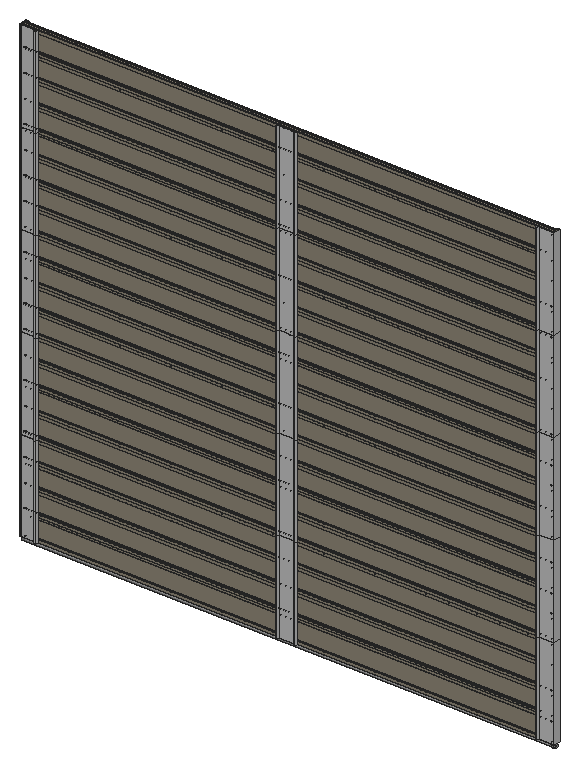
Revit family "GAFS 20H BRZ", category Doors, host Wall, Revit 2024
Family settings
  Host = Wall
  OmniClass Number = 23.30.10.00
  OmniClass Title = Doors
  Always vertical = Yes
  Cut with Voids When Loaded = No
  Shared = No
  Room Calculation Point = No
Parameters
  Wall Opening [instance] = 4880 mm
  Function = Interior
  Frame Projection Ext. = 25 mm
  Frame Projection Int. = 25 mm
  Frame Width = 75 mm
  Height = 2135 mm
  Wall Closure = By host
  Width = 2440 mm
Reference planes
  plane 1: y = 0
  plane 2 "Center (Left/Right)": x = 0
  plane 3: z = 2135
  plane 4 "Exterior": y = 75
  plane 5 "Interior": y = -75
  plane 6 "Garage Bottom": y = 75
  plane 7 "Garage Top": z = 2170
  plane 8: z = 19.954
  plane 9 "Garage Left": x = 1250
  plane 10 "Garage Right": x = -1250
Forms (mm)
  Extrusion 1, solid, material "STEEL BACK & SIDE PLATES"
    sketch origin (2744.172, 256, 612.954) x (1, 0, 0) y (0, 1, 0)
      loop
        line (-2791.977, -404.804) -> (-2789.506, -414.002) -> (-2782.523, -414.002) -> (-2780.383, -405.996) -> (-2707.961, -405.996) -> (-2705.821, -414.002) -> (-2698.839, -414.002) -> (-2696.367, -404.804) -> (-2697.626, -404.804) -> (-2699.758, -412.802) -> (-2704.9, -412.802) -> (-2707.039, -404.797) -> (-2781.305, -404.797) -> (-2783.444, -412.802) -> (-2788.586, -412.802) -> (-2790.718, -404.804) -> (-2791.977, -404.804)
      loop
        line (-3985.472, -373.2) -> (-3992.972, -373.2) -> (-3992.972, -372) -> (-3991.972, -372)
        arc (-3991.972, -372) -> (-3991.472, -371.5) -> (-3991.972, -371) r 0.5
        line (-3991.972, -371) -> (-3994.172, -371) -> (-3994.172, -406) -> (-3924.955, -406) -> (-3922.812, -414) -> (-3915.811, -414) -> (-3913.363, -404.8) -> (-3914.589, -404.8) -> (-3916.732, -412.8) -> (-3921.891, -412.8) -> (-3924.034, -404.8) -> (-3992.972, -404.8) -> (-3992.972, -374.4) -> (-3980.945, -374.4)
        arc (-3980.945, -374.4) -> (-3980.21, -374.891) -> (-3979.372, -374.607) r 1
        line (-3979.372, -374.607) -> (-3978.819, -374.054)
        arc (-3978.819, -374.054) -> (-3978.71, -373.509) -> (-3979.172, -373.2) r 0.5
        line (-3979.172, -373.2) -> (-3984.272, -373.2) -> (-3984.272, -371) -> (-3986.472, -371)
        arc (-3986.472, -371) -> (-3986.972, -371.5) -> (-3986.472, -372) r 0.5
        line (-3986.472, -372) -> (-3985.472, -372) -> (-3985.472, -373.2)
      loop
        line (-1502.872, -373.2) -> (-1502.872, -372) -> (-1501.872, -372)
        arc (-1501.872, -372) -> (-1501.372, -371.5) -> (-1501.872, -371) r 0.5
        line (-1501.872, -371) -> (-1504.072, -371) -> (-1504.072, -373.2) -> (-1509.172, -373.2)
        arc (-1509.172, -373.2) -> (-1509.634, -373.509) -> (-1509.526, -374.054) r 0.5
        line (-1509.526, -374.054) -> (-1508.972, -374.607)
        arc (-1508.972, -374.607) -> (-1508.135, -374.891) -> (-1507.399, -374.4) r 1
        line (-1507.399, -374.4) -> (-1495.372, -374.4) -> (-1495.372, -404.8) -> (-1564.31, -404.8) -> (-1566.454, -412.8) -> (-1571.612, -412.8) -> (-1573.756, -404.8) -> (-1574.982, -404.8) -> (-1572.533, -414) -> (-1565.533, -414) -> (-1563.389, -406) -> (-1494.172, -406) -> (-1494.172, -371) -> (-1496.372, -371)
        arc (-1496.372, -371) -> (-1496.872, -371.5) -> (-1496.372, -372) r 0.5
        line (-1496.372, -372) -> (-1495.372, -372) -> (-1495.372, -373.2) -> (-1502.872, -373.2)
    from 267.046 to 697.046
  Extrusion 2, solid, material "STEEL BACK & SIDE PLATES"
    sketch origin (2744.172, 256, 182.954) x (1, 0, 0) y (0, 1, 0)
      loop
        line (-2791.977, -404.804) -> (-2789.506, -414.002) -> (-2782.523, -414.002) -> (-2780.383, -405.996) -> (-2707.961, -405.996) -> (-2705.821, -414.002) -> (-2698.839, -414.002) -> (-2696.367, -404.804) -> (-2697.626, -404.804) -> (-2699.758, -412.802) -> (-2704.9, -412.802) -> (-2707.039, -404.797) -> (-2781.305, -404.797) -> (-2783.444, -412.802) -> (-2788.586, -412.802) -> (-2790.718, -404.804) -> (-2791.977, -404.804)
      loop
        line (-3985.472, -373.2) -> (-3992.972, -373.2) -> (-3992.972, -372) -> (-3991.972, -372)
        arc (-3991.972, -372) -> (-3991.472, -371.5) -> (-3991.972, -371) r 0.5
        line (-3991.972, -371) -> (-3994.172, -371) -> (-3994.172, -406) -> (-3924.955, -406) -> (-3922.812, -414) -> (-3915.811, -414) -> (-3913.363, -404.8) -> (-3914.589, -404.8) -> (-3916.732, -412.8) -> (-3921.891, -412.8) -> (-3924.034, -404.8) -> (-3992.972, -404.8) -> (-3992.972, -374.4) -> (-3980.945, -374.4)
        arc (-3980.945, -374.4) -> (-3980.21, -374.891) -> (-3979.372, -374.607) r 1
        line (-3979.372, -374.607) -> (-3978.819, -374.054)
        arc (-3978.819, -374.054) -> (-3978.71, -373.509) -> (-3979.172, -373.2) r 0.5
        line (-3979.172, -373.2) -> (-3984.272, -373.2) -> (-3984.272, -371) -> (-3986.472, -371)
        arc (-3986.472, -371) -> (-3986.972, -371.5) -> (-3986.472, -372) r 0.5
        line (-3986.472, -372) -> (-3985.472, -372) -> (-3985.472, -373.2)
      loop
        line (-1502.872, -373.2) -> (-1502.872, -372) -> (-1501.872, -372)
        arc (-1501.872, -372) -> (-1501.372, -371.5) -> (-1501.872, -371) r 0.5
        line (-1501.872, -371) -> (-1504.072, -371) -> (-1504.072, -373.2) -> (-1509.172, -373.2)
        arc (-1509.172, -373.2) -> (-1509.634, -373.509) -> (-1509.526, -374.054) r 0.5
        line (-1509.526, -374.054) -> (-1508.972, -374.607)
        arc (-1508.972, -374.607) -> (-1508.135, -374.891) -> (-1507.399, -374.4) r 1
        line (-1507.399, -374.4) -> (-1495.372, -374.4) -> (-1495.372, -404.8) -> (-1564.31, -404.8) -> (-1566.454, -412.8) -> (-1571.612, -412.8) -> (-1573.756, -404.8) -> (-1574.982, -404.8) -> (-1572.533, -414) -> (-1565.533, -414) -> (-1563.389, -406) -> (-1494.172, -406) -> (-1494.172, -371) -> (-1496.372, -371)
        arc (-1496.372, -371) -> (-1496.872, -371.5) -> (-1496.372, -372) r 0.5
        line (-1496.372, -372) -> (-1495.372, -372) -> (-1495.372, -373.2) -> (-1502.872, -373.2)
    from 267.046 to 697.046
  Extrusion 3, solid, material "STEEL BACK & SIDE PLATES"
    sketch origin (2744.172, 256, -247.046) x (1, 0, 0) y (0, 1, 0)
      loop
        line (-2791.977, -404.804) -> (-2789.506, -414.002) -> (-2782.523, -414.002) -> (-2780.383, -405.996) -> (-2707.961, -405.996) -> (-2705.821, -414.002) -> (-2698.839, -414.002) -> (-2696.367, -404.804) -> (-2697.626, -404.804) -> (-2699.758, -412.802) -> (-2704.9, -412.802) -> (-2707.039, -404.797) -> (-2781.305, -404.797) -> (-2783.444, -412.802) -> (-2788.586, -412.802) -> (-2790.718, -404.804) -> (-2791.977, -404.804)
      loop
        line (-3985.472, -373.2) -> (-3992.972, -373.2) -> (-3992.972, -372) -> (-3991.972, -372)
        arc (-3991.972, -372) -> (-3991.472, -371.5) -> (-3991.972, -371) r 0.5
        line (-3991.972, -371) -> (-3994.172, -371) -> (-3994.172, -406) -> (-3924.955, -406) -> (-3922.812, -414) -> (-3915.811, -414) -> (-3913.363, -404.8) -> (-3914.589, -404.8) -> (-3916.732, -412.8) -> (-3921.891, -412.8) -> (-3924.034, -404.8) -> (-3992.972, -404.8) -> (-3992.972, -374.4) -> (-3980.945, -374.4)
        arc (-3980.945, -374.4) -> (-3980.21, -374.891) -> (-3979.372, -374.607) r 1
        line (-3979.372, -374.607) -> (-3978.819, -374.054)
        arc (-3978.819, -374.054) -> (-3978.71, -373.509) -> (-3979.172, -373.2) r 0.5
        line (-3979.172, -373.2) -> (-3984.272, -373.2) -> (-3984.272, -371) -> (-3986.472, -371)
        arc (-3986.472, -371) -> (-3986.972, -371.5) -> (-3986.472, -372) r 0.5
        line (-3986.472, -372) -> (-3985.472, -372) -> (-3985.472, -373.2)
      loop
        line (-1502.872, -373.2) -> (-1502.872, -372) -> (-1501.872, -372)
        arc (-1501.872, -372) -> (-1501.372, -371.5) -> (-1501.872, -371) r 0.5
        line (-1501.872, -371) -> (-1504.072, -371) -> (-1504.072, -373.2) -> (-1509.172, -373.2)
        arc (-1509.172, -373.2) -> (-1509.634, -373.509) -> (-1509.526, -374.054) r 0.5
        line (-1509.526, -374.054) -> (-1508.972, -374.607)
        arc (-1508.972, -374.607) -> (-1508.135, -374.891) -> (-1507.399, -374.4) r 1
        line (-1507.399, -374.4) -> (-1495.372, -374.4) -> (-1495.372, -404.8) -> (-1564.31, -404.8) -> (-1566.454, -412.8) -> (-1571.612, -412.8) -> (-1573.756, -404.8) -> (-1574.982, -404.8) -> (-1572.533, -414) -> (-1565.533, -414) -> (-1563.389, -406) -> (-1494.172, -406) -> (-1494.172, -371) -> (-1496.372, -371)
        arc (-1496.372, -371) -> (-1496.872, -371.5) -> (-1496.372, -372) r 0.5
        line (-1496.372, -372) -> (-1495.372, -372) -> (-1495.372, -373.2) -> (-1502.872, -373.2)
    from 267 to 697.046
  Extrusion 4, solid, material "STEEL BACK & SIDE PLATES"
    sketch origin (2744.172, 256, 1042.954) x (1, 0, 0) y (0, 1, 0)
      loop
        line (-2791.977, -404.804) -> (-2789.506, -414.002) -> (-2782.523, -414.002) -> (-2780.383, -405.996) -> (-2707.961, -405.996) -> (-2705.821, -414.002) -> (-2698.839, -414.002) -> (-2696.367, -404.804) -> (-2697.626, -404.804) -> (-2699.758, -412.802) -> (-2704.9, -412.802) -> (-2707.039, -404.797) -> (-2781.305, -404.797) -> (-2783.444, -412.802) -> (-2788.586, -412.802) -> (-2790.718, -404.804) -> (-2791.977, -404.804)
      loop
        line (-3985.472, -373.2) -> (-3992.972, -373.2) -> (-3992.972, -372) -> (-3991.972, -372)
        arc (-3991.972, -372) -> (-3991.472, -371.5) -> (-3991.972, -371) r 0.5
        line (-3991.972, -371) -> (-3994.172, -371) -> (-3994.172, -406) -> (-3924.955, -406) -> (-3922.812, -414) -> (-3915.811, -414) -> (-3913.363, -404.8) -> (-3914.589, -404.8) -> (-3916.732, -412.8) -> (-3921.891, -412.8) -> (-3924.034, -404.8) -> (-3992.972, -404.8) -> (-3992.972, -374.4) -> (-3980.945, -374.4)
        arc (-3980.945, -374.4) -> (-3980.21, -374.891) -> (-3979.372, -374.607) r 1
        line (-3979.372, -374.607) -> (-3978.819, -374.054)
        arc (-3978.819, -374.054) -> (-3978.71, -373.509) -> (-3979.172, -373.2) r 0.5
        line (-3979.172, -373.2) -> (-3984.272, -373.2) -> (-3984.272, -371) -> (-3986.472, -371)
        arc (-3986.472, -371) -> (-3986.972, -371.5) -> (-3986.472, -372) r 0.5
        line (-3986.472, -372) -> (-3985.472, -372) -> (-3985.472, -373.2)
      loop
        line (-1502.872, -373.2) -> (-1502.872, -372) -> (-1501.872, -372)
        arc (-1501.872, -372) -> (-1501.372, -371.5) -> (-1501.872, -371) r 0.5
        line (-1501.872, -371) -> (-1504.072, -371) -> (-1504.072, -373.2) -> (-1509.172, -373.2)
        arc (-1509.172, -373.2) -> (-1509.634, -373.509) -> (-1509.526, -374.054) r 0.5
        line (-1509.526, -374.054) -> (-1508.972, -374.607)
        arc (-1508.972, -374.607) -> (-1508.135, -374.891) -> (-1507.399, -374.4) r 1
        line (-1507.399, -374.4) -> (-1495.372, -374.4) -> (-1495.372, -404.8) -> (-1564.31, -404.8) -> (-1566.454, -412.8) -> (-1571.612, -412.8) -> (-1573.756, -404.8) -> (-1574.982, -404.8) -> (-1572.533, -414) -> (-1565.533, -414) -> (-1563.389, -406) -> (-1494.172, -406) -> (-1494.172, -371) -> (-1496.372, -371)
        arc (-1496.372, -371) -> (-1496.872, -371.5) -> (-1496.372, -372) r 0.5
        line (-1496.372, -372) -> (-1495.372, -372) -> (-1495.372, -373.2) -> (-1502.872, -373.2)
    from 267.046 to 697.046
  Extrusion 5, solid, material "STEEL BACK & SIDE PLATES"
    sketch origin (2744.172, 256, 1472.954) x (1, 0, 0) y (0, 1, 0)
      loop
        line (-2791.977, -404.804) -> (-2789.506, -414.002) -> (-2782.523, -414.002) -> (-2780.383, -405.996) -> (-2707.961, -405.996) -> (-2705.821, -414.002) -> (-2698.839, -414.002) -> (-2696.367, -404.804) -> (-2697.626, -404.804) -> (-2699.758, -412.802) -> (-2704.9, -412.802) -> (-2707.039, -404.797) -> (-2781.305, -404.797) -> (-2783.444, -412.802) -> (-2788.586, -412.802) -> (-2790.718, -404.804) -> (-2791.977, -404.804)
      loop
        line (-3985.472, -373.2) -> (-3992.972, -373.2) -> (-3992.972, -372) -> (-3991.972, -372)
        arc (-3991.972, -372) -> (-3991.472, -371.5) -> (-3991.972, -371) r 0.5
        line (-3991.972, -371) -> (-3994.172, -371) -> (-3994.172, -406) -> (-3924.955, -406) -> (-3922.812, -414) -> (-3915.811, -414) -> (-3913.363, -404.8) -> (-3914.589, -404.8) -> (-3916.732, -412.8) -> (-3921.891, -412.8) -> (-3924.034, -404.8) -> (-3992.972, -404.8) -> (-3992.972, -374.4) -> (-3980.945, -374.4)
        arc (-3980.945, -374.4) -> (-3980.21, -374.891) -> (-3979.372, -374.607) r 1
        line (-3979.372, -374.607) -> (-3978.819, -374.054)
        arc (-3978.819, -374.054) -> (-3978.71, -373.509) -> (-3979.172, -373.2) r 0.5
        line (-3979.172, -373.2) -> (-3984.272, -373.2) -> (-3984.272, -371) -> (-3986.472, -371)
        arc (-3986.472, -371) -> (-3986.972, -371.5) -> (-3986.472, -372) r 0.5
        line (-3986.472, -372) -> (-3985.472, -372) -> (-3985.472, -373.2)
      loop
        line (-1502.872, -373.2) -> (-1502.872, -372) -> (-1501.872, -372)
        arc (-1501.872, -372) -> (-1501.372, -371.5) -> (-1501.872, -371) r 0.5
        line (-1501.872, -371) -> (-1504.072, -371) -> (-1504.072, -373.2) -> (-1509.172, -373.2)
        arc (-1509.172, -373.2) -> (-1509.634, -373.509) -> (-1509.526, -374.054) r 0.5
        line (-1509.526, -374.054) -> (-1508.972, -374.607)
        arc (-1508.972, -374.607) -> (-1508.135, -374.891) -> (-1507.399, -374.4) r 1
        line (-1507.399, -374.4) -> (-1495.372, -374.4) -> (-1495.372, -404.8) -> (-1564.31, -404.8) -> (-1566.454, -412.8) -> (-1571.612, -412.8) -> (-1573.756, -404.8) -> (-1574.982, -404.8) -> (-1572.533, -414) -> (-1565.533, -414) -> (-1563.389, -406) -> (-1494.172, -406) -> (-1494.172, -371) -> (-1496.372, -371)
        arc (-1496.372, -371) -> (-1496.872, -371.5) -> (-1496.372, -372) r 0.5
        line (-1496.372, -372) -> (-1495.372, -372) -> (-1495.372, -373.2) -> (-1502.872, -373.2)
    from 267.046 to 697.046
  Extrusion 6, solid, material "BRONZE ALUMINIUM MANUAL"
    sketch origin (0, -44, 2189.863) x (0, -1, 0) y (0, 0, -1)
      loop
        line (82.14, 2169.909) -> (74.797, 2169.909) -> (74.797, 2070.864) -> (78.797, 2069.409) -> (78.797, 2062.409) -> (83.136, 2062.409)
        arc (83.136, 2062.409) -> (83.518, 2062.332) -> (83.843, 2062.116) r 1
        line (83.843, 2062.116) -> (86.55, 2059.409) -> (88.077, 2059.409)
        arc (88.077, 2059.409) -> (88.477, 2059.809) -> (88.077, 2060.209) r 0.4
        line (88.077, 2060.209) -> (87.047, 2060.209) -> (87.047, 2061.409) -> (92.547, 2061.409) -> (92.547, 2060.209) -> (91.517, 2060.209)
        arc (91.517, 2060.209) -> (91.117, 2059.809) -> (91.517, 2059.409) r 0.4
        line (91.517, 2059.409) -> (93.044, 2059.409) -> (95.751, 2062.116)
        arc (95.751, 2062.116) -> (96.077, 2062.333) -> (96.461, 2062.409) r 1
        line (96.461, 2062.409) -> (104.797, 2062.409) -> (104.797, 2074.409) -> (101.397, 2074.409)
        arc (101.397, 2074.409) -> (100.697, 2073.709) -> (101.397, 2073.009) r 0.7
        line (101.397, 2073.009) -> (103.397, 2073.009) -> (103.397, 2063.809) -> (95.464, 2063.809) -> (94.464, 2062.809) -> (85.13, 2062.809) -> (84.13, 2063.809) -> (80.197, 2063.809) -> (80.197, 2070.389) -> (76.197, 2071.845) -> (76.197, 2168.509) -> (81.56, 2168.509) -> (87.06, 2163.009) -> (92.534, 2163.009) -> (98.034, 2168.509) -> (103.397, 2168.509) -> (103.397, 2159.309) -> (101.397, 2159.309)
        arc (101.397, 2159.309) -> (100.697, 2158.609) -> (101.397, 2157.909) r 0.7
        line (101.397, 2157.909) -> (104.797, 2157.909) -> (104.797, 2169.909) -> (97.454, 2169.909) -> (91.954, 2164.409) -> (87.64, 2164.409) -> (82.14, 2169.909)
    from -1248.8 to 1248.8
  Extrusion 7, solid, material "Rubber, Natural"
    sketch origin (0, -32.797, 0.046) x (0, 1, 0) y (0, 0, 1)
      loop
        line (-111, 19.909) -> (-111, 16.909) -> (-106, 16.909) -> (-106, 14.004)
        spline (-106, 14.004) -> (-109.192, 11.809) -> (-110.848, 8.808) -> (-110.659, 5.562) -> (-108.66, 2.681) -> (-105.226, 0.703) -> (-101, 0) -> (-96.774, 0.703) -> (-93.34, 2.681) -> (-91.341, 5.562) -> (-91.152, 8.808) -> (-92.808, 11.809) -> (-96, 14.004)
        line (-96, 14.004) -> (-96, 16.909) -> (-91, 16.909) -> (-91, 19.909) -> (-111, 19.909)
      loop
        line (-98, 16.909) -> (-104, 16.909) -> (-104, 14.633)
        arc (-104, 14.633) -> (-101, 15.009) -> (-98, 14.633) r 12.129
        line (-98, 14.633) -> (-98, 16.909)
      loop
        spline (-101, 1.513) -> (-98.929, 1.717) -> (-97, 2.316) -> (-95.343, 3.268) -> (-94.072, 4.509) -> (-93.273, 5.954) -> (-93, 7.505) -> (-93.273, 9.055) -> (-94.072, 10.501) -> (-95.343, 11.742) -> (-97, 12.694) -> (-98.929, 13.292) -> (-101, 13.496)
        spline (-101, 13.496) -> (-103.071, 13.292) -> (-105, 12.694) -> (-106.657, 11.742) -> (-107.928, 10.501) -> (-108.727, 9.055) -> (-109, 7.505) -> (-108.727, 5.954) -> (-107.928, 4.509) -> (-106.657, 3.268) -> (-105, 2.316) -> (-103.071, 1.717) -> (-101, 1.513)
    from -1248.8 to 1248.8
  Extrusion 8, solid, material "BRONZE ALUMINIUM MANUAL"
    sketch origin (0, -44, 2297.363) x (0, -1, 0) y (0, 0, -1)
      loop
        line (82.14, 2169.909) -> (74.797, 2169.909) -> (74.797, 2070.864) -> (78.797, 2069.409) -> (78.797, 2062.409) -> (83.136, 2062.409)
        arc (83.136, 2062.409) -> (83.518, 2062.332) -> (83.843, 2062.116) r 1
        line (83.843, 2062.116) -> (86.55, 2059.409) -> (88.077, 2059.409)
        arc (88.077, 2059.409) -> (88.477, 2059.809) -> (88.077, 2060.209) r 0.4
        line (88.077, 2060.209) -> (87.047, 2060.209) -> (87.047, 2061.409) -> (92.547, 2061.409) -> (92.547, 2060.209) -> (91.517, 2060.209)
        arc (91.517, 2060.209) -> (91.117, 2059.809) -> (91.517, 2059.409) r 0.4
        line (91.517, 2059.409) -> (93.044, 2059.409) -> (95.751, 2062.116)
        arc (95.751, 2062.116) -> (96.077, 2062.333) -> (96.461, 2062.409) r 1
        line (96.461, 2062.409) -> (104.797, 2062.409) -> (104.797, 2074.409) -> (101.397, 2074.409)
        arc (101.397, 2074.409) -> (100.697, 2073.709) -> (101.397, 2073.009) r 0.7
        line (101.397, 2073.009) -> (103.397, 2073.009) -> (103.397, 2063.809) -> (95.464, 2063.809) -> (94.464, 2062.809) -> (85.13, 2062.809) -> (84.13, 2063.809) -> (80.197, 2063.809) -> (80.197, 2070.389) -> (76.197, 2071.845) -> (76.197, 2168.509) -> (81.56, 2168.509) -> (87.06, 2163.009) -> (92.534, 2163.009) -> (98.034, 2168.509) -> (103.397, 2168.509) -> (103.397, 2159.309) -> (101.397, 2159.309)
        arc (101.397, 2159.309) -> (100.697, 2158.609) -> (101.397, 2157.909) r 0.7
        line (101.397, 2157.909) -> (104.797, 2157.909) -> (104.797, 2169.909) -> (97.454, 2169.909) -> (91.954, 2164.409) -> (87.64, 2164.409) -> (82.14, 2169.909)
    from -1248.8 to 1248.8
  Extrusion 9, solid, material "BRONZE ALUMINIUM MANUAL"
    sketch origin (0, -44, 2404.863) x (0, -1, 0) y (0, 0, -1)
      loop
        line (82.14, 2169.909) -> (74.797, 2169.909) -> (74.797, 2070.864) -> (78.797, 2069.409) -> (78.797, 2062.409) -> (83.136, 2062.409)
        arc (83.136, 2062.409) -> (83.518, 2062.332) -> (83.843, 2062.116) r 1
        line (83.843, 2062.116) -> (86.55, 2059.409) -> (88.077, 2059.409)
        arc (88.077, 2059.409) -> (88.477, 2059.809) -> (88.077, 2060.209) r 0.4
        line (88.077, 2060.209) -> (87.047, 2060.209) -> (87.047, 2061.409) -> (92.547, 2061.409) -> (92.547, 2060.209) -> (91.517, 2060.209)
        arc (91.517, 2060.209) -> (91.117, 2059.809) -> (91.517, 2059.409) r 0.4
        line (91.517, 2059.409) -> (93.044, 2059.409) -> (95.751, 2062.116)
        arc (95.751, 2062.116) -> (96.077, 2062.333) -> (96.461, 2062.409) r 1
        line (96.461, 2062.409) -> (104.797, 2062.409) -> (104.797, 2074.409) -> (101.397, 2074.409)
        arc (101.397, 2074.409) -> (100.697, 2073.709) -> (101.397, 2073.009) r 0.7
        line (101.397, 2073.009) -> (103.397, 2073.009) -> (103.397, 2063.809) -> (95.464, 2063.809) -> (94.464, 2062.809) -> (85.13, 2062.809) -> (84.13, 2063.809) -> (80.197, 2063.809) -> (80.197, 2070.389) -> (76.197, 2071.845) -> (76.197, 2168.509) -> (81.56, 2168.509) -> (87.06, 2163.009) -> (92.534, 2163.009) -> (98.034, 2168.509) -> (103.397, 2168.509) -> (103.397, 2159.309) -> (101.397, 2159.309)
        arc (101.397, 2159.309) -> (100.697, 2158.609) -> (101.397, 2157.909) r 0.7
        line (101.397, 2157.909) -> (104.797, 2157.909) -> (104.797, 2169.909) -> (97.454, 2169.909) -> (91.954, 2164.409) -> (87.64, 2164.409) -> (82.14, 2169.909)
    from -1248.8 to 1248.8
  Extrusion 10, solid, material "BRONZE ALUMINIUM MANUAL"
    sketch origin (0, -44, 2512.363) x (0, -1, 0) y (0, 0, -1)
      loop
        line (82.14, 2169.909) -> (74.797, 2169.909) -> (74.797, 2070.864) -> (78.797, 2069.409) -> (78.797, 2062.409) -> (83.136, 2062.409)
        arc (83.136, 2062.409) -> (83.518, 2062.332) -> (83.843, 2062.116) r 1
        line (83.843, 2062.116) -> (86.55, 2059.409) -> (88.077, 2059.409)
        arc (88.077, 2059.409) -> (88.477, 2059.809) -> (88.077, 2060.209) r 0.4
        line (88.077, 2060.209) -> (87.047, 2060.209) -> (87.047, 2061.409) -> (92.547, 2061.409) -> (92.547, 2060.209) -> (91.517, 2060.209)
        arc (91.517, 2060.209) -> (91.117, 2059.809) -> (91.517, 2059.409) r 0.4
        line (91.517, 2059.409) -> (93.044, 2059.409) -> (95.751, 2062.116)
        arc (95.751, 2062.116) -> (96.077, 2062.333) -> (96.461, 2062.409) r 1
        line (96.461, 2062.409) -> (104.797, 2062.409) -> (104.797, 2074.409) -> (101.397, 2074.409)
        arc (101.397, 2074.409) -> (100.697, 2073.709) -> (101.397, 2073.009) r 0.7
        line (101.397, 2073.009) -> (103.397, 2073.009) -> (103.397, 2063.809) -> (95.464, 2063.809) -> (94.464, 2062.809) -> (85.13, 2062.809) -> (84.13, 2063.809) -> (80.197, 2063.809) -> (80.197, 2070.389) -> (76.197, 2071.845) -> (76.197, 2168.509) -> (81.56, 2168.509) -> (87.06, 2163.009) -> (92.534, 2163.009) -> (98.034, 2168.509) -> (103.397, 2168.509) -> (103.397, 2159.309) -> (101.397, 2159.309)
        arc (101.397, 2159.309) -> (100.697, 2158.609) -> (101.397, 2157.909) r 0.7
        line (101.397, 2157.909) -> (104.797, 2157.909) -> (104.797, 2169.909) -> (97.454, 2169.909) -> (91.954, 2164.409) -> (87.64, 2164.409) -> (82.14, 2169.909)
    from -1248.8 to 1248.8
  Extrusion 11, solid, material "BRONZE ALUMINIUM MANUAL"
    sketch origin (0, -44, 2619.909) x (0, -1, 0) y (0, 0, -1)
      loop
        line (82.14, 2169.909) -> (74.797, 2169.909) -> (74.797, 2070.864) -> (78.797, 2069.409) -> (78.797, 2062.409) -> (83.136, 2062.409)
        arc (83.136, 2062.409) -> (83.518, 2062.332) -> (83.843, 2062.116) r 1
        line (83.843, 2062.116) -> (86.55, 2059.409) -> (88.077, 2059.409)
        arc (88.077, 2059.409) -> (88.477, 2059.809) -> (88.077, 2060.209) r 0.4
        line (88.077, 2060.209) -> (87.047, 2060.209) -> (87.047, 2061.409) -> (92.547, 2061.409) -> (92.547, 2060.209) -> (91.517, 2060.209)
        arc (91.517, 2060.209) -> (91.117, 2059.809) -> (91.517, 2059.409) r 0.4
        line (91.517, 2059.409) -> (93.044, 2059.409) -> (95.751, 2062.116)
        arc (95.751, 2062.116) -> (96.077, 2062.333) -> (96.461, 2062.409) r 1
        line (96.461, 2062.409) -> (104.797, 2062.409) -> (104.797, 2074.409) -> (101.397, 2074.409)
        arc (101.397, 2074.409) -> (100.697, 2073.709) -> (101.397, 2073.009) r 0.7
        line (101.397, 2073.009) -> (103.397, 2073.009) -> (103.397, 2063.809) -> (95.464, 2063.809) -> (94.464, 2062.809) -> (85.13, 2062.809) -> (84.13, 2063.809) -> (80.197, 2063.809) -> (80.197, 2070.389) -> (76.197, 2071.845) -> (76.197, 2168.509) -> (81.56, 2168.509) -> (87.06, 2163.009) -> (92.534, 2163.009) -> (98.034, 2168.509) -> (103.397, 2168.509) -> (103.397, 2159.309) -> (101.397, 2159.309)
        arc (101.397, 2159.309) -> (100.697, 2158.609) -> (101.397, 2157.909) r 0.7
        line (101.397, 2157.909) -> (104.797, 2157.909) -> (104.797, 2169.909) -> (97.454, 2169.909) -> (91.954, 2164.409) -> (87.64, 2164.409) -> (82.14, 2169.909)
    from -1248.8 to 1248.8
  Extrusion 12, solid, material "BRONZE ALUMINIUM MANUAL"
    sketch origin (0, -44, 2727.409) x (0, -1, 0) y (0, 0, -1)
      loop
        line (82.14, 2169.909) -> (74.797, 2169.909) -> (74.797, 2070.864) -> (78.797, 2069.409) -> (78.797, 2062.409) -> (83.136, 2062.409)
        arc (83.136, 2062.409) -> (83.518, 2062.332) -> (83.843, 2062.116) r 1
        line (83.843, 2062.116) -> (86.55, 2059.409) -> (88.077, 2059.409)
        arc (88.077, 2059.409) -> (88.477, 2059.809) -> (88.077, 2060.209) r 0.4
        line (88.077, 2060.209) -> (87.047, 2060.209) -> (87.047, 2061.409) -> (92.547, 2061.409) -> (92.547, 2060.209) -> (91.517, 2060.209)
        arc (91.517, 2060.209) -> (91.117, 2059.809) -> (91.517, 2059.409) r 0.4
        line (91.517, 2059.409) -> (93.044, 2059.409) -> (95.751, 2062.116)
        arc (95.751, 2062.116) -> (96.077, 2062.333) -> (96.461, 2062.409) r 1
        line (96.461, 2062.409) -> (104.797, 2062.409) -> (104.797, 2074.409) -> (101.397, 2074.409)
        arc (101.397, 2074.409) -> (100.697, 2073.709) -> (101.397, 2073.009) r 0.7
        line (101.397, 2073.009) -> (103.397, 2073.009) -> (103.397, 2063.809) -> (95.464, 2063.809) -> (94.464, 2062.809) -> (85.13, 2062.809) -> (84.13, 2063.809) -> (80.197, 2063.809) -> (80.197, 2070.389) -> (76.197, 2071.845) -> (76.197, 2168.509) -> (81.56, 2168.509) -> (87.06, 2163.009) -> (92.534, 2163.009) -> (98.034, 2168.509) -> (103.397, 2168.509) -> (103.397, 2159.309) -> (101.397, 2159.309)
        arc (101.397, 2159.309) -> (100.697, 2158.609) -> (101.397, 2157.909) r 0.7
        line (101.397, 2157.909) -> (104.797, 2157.909) -> (104.797, 2169.909) -> (97.454, 2169.909) -> (91.954, 2164.409) -> (87.64, 2164.409) -> (82.14, 2169.909)
    from -1248.8 to 1248.8
  Extrusion 13, solid, material "BRONZE ALUMINIUM MANUAL"
    sketch origin (0, -44, 2834.909) x (0, -1, 0) y (0, 0, -1)
      loop
        line (82.14, 2169.909) -> (74.797, 2169.909) -> (74.797, 2070.864) -> (78.797, 2069.409) -> (78.797, 2062.409) -> (83.136, 2062.409)
        arc (83.136, 2062.409) -> (83.518, 2062.332) -> (83.843, 2062.116) r 1
        line (83.843, 2062.116) -> (86.55, 2059.409) -> (88.077, 2059.409)
        arc (88.077, 2059.409) -> (88.477, 2059.809) -> (88.077, 2060.209) r 0.4
        line (88.077, 2060.209) -> (87.047, 2060.209) -> (87.047, 2061.409) -> (92.547, 2061.409) -> (92.547, 2060.209) -> (91.517, 2060.209)
        arc (91.517, 2060.209) -> (91.117, 2059.809) -> (91.517, 2059.409) r 0.4
        line (91.517, 2059.409) -> (93.044, 2059.409) -> (95.751, 2062.116)
        arc (95.751, 2062.116) -> (96.077, 2062.333) -> (96.461, 2062.409) r 1
        line (96.461, 2062.409) -> (104.797, 2062.409) -> (104.797, 2074.409) -> (101.397, 2074.409)
        arc (101.397, 2074.409) -> (100.697, 2073.709) -> (101.397, 2073.009) r 0.7
        line (101.397, 2073.009) -> (103.397, 2073.009) -> (103.397, 2063.809) -> (95.464, 2063.809) -> (94.464, 2062.809) -> (85.13, 2062.809) -> (84.13, 2063.809) -> (80.197, 2063.809) -> (80.197, 2070.389) -> (76.197, 2071.845) -> (76.197, 2168.509) -> (81.56, 2168.509) -> (87.06, 2163.009) -> (92.534, 2163.009) -> (98.034, 2168.509) -> (103.397, 2168.509) -> (103.397, 2159.309) -> (101.397, 2159.309)
        arc (101.397, 2159.309) -> (100.697, 2158.609) -> (101.397, 2157.909) r 0.7
        line (101.397, 2157.909) -> (104.797, 2157.909) -> (104.797, 2169.909) -> (97.454, 2169.909) -> (91.954, 2164.409) -> (87.64, 2164.409) -> (82.14, 2169.909)
    from -1248.8 to 1248.8
  Extrusion 14, solid, material "BRONZE ALUMINIUM MANUAL"
    sketch origin (0, -44, 2942.409) x (0, -1, 0) y (0, 0, -1)
      loop
        line (82.14, 2169.909) -> (74.797, 2169.909) -> (74.797, 2070.864) -> (78.797, 2069.409) -> (78.797, 2062.409) -> (83.136, 2062.409)
        arc (83.136, 2062.409) -> (83.518, 2062.332) -> (83.843, 2062.116) r 1
        line (83.843, 2062.116) -> (86.55, 2059.409) -> (88.077, 2059.409)
        arc (88.077, 2059.409) -> (88.477, 2059.809) -> (88.077, 2060.209) r 0.4
        line (88.077, 2060.209) -> (87.047, 2060.209) -> (87.047, 2061.409) -> (92.547, 2061.409) -> (92.547, 2060.209) -> (91.517, 2060.209)
        arc (91.517, 2060.209) -> (91.117, 2059.809) -> (91.517, 2059.409) r 0.4
        line (91.517, 2059.409) -> (93.044, 2059.409) -> (95.751, 2062.116)
        arc (95.751, 2062.116) -> (96.077, 2062.333) -> (96.461, 2062.409) r 1
        line (96.461, 2062.409) -> (104.797, 2062.409) -> (104.797, 2074.409) -> (101.397, 2074.409)
        arc (101.397, 2074.409) -> (100.697, 2073.709) -> (101.397, 2073.009) r 0.7
        line (101.397, 2073.009) -> (103.397, 2073.009) -> (103.397, 2063.809) -> (95.464, 2063.809) -> (94.464, 2062.809) -> (85.13, 2062.809) -> (84.13, 2063.809) -> (80.197, 2063.809) -> (80.197, 2070.389) -> (76.197, 2071.845) -> (76.197, 2168.509) -> (81.56, 2168.509) -> (87.06, 2163.009) -> (92.534, 2163.009) -> (98.034, 2168.509) -> (103.397, 2168.509) -> (103.397, 2159.309) -> (101.397, 2159.309)
        arc (101.397, 2159.309) -> (100.697, 2158.609) -> (101.397, 2157.909) r 0.7
        line (101.397, 2157.909) -> (104.797, 2157.909) -> (104.797, 2169.909) -> (97.454, 2169.909) -> (91.954, 2164.409) -> (87.64, 2164.409) -> (82.14, 2169.909)
    from -1248.8 to 1248.8
  Extrusion 15, solid, material "BRONZE ALUMINIUM MANUAL"
    sketch origin (0, -44, 3049.909) x (0, -1, 0) y (0, 0, -1)
      loop
        line (82.14, 2169.909) -> (74.797, 2169.909) -> (74.797, 2070.864) -> (78.797, 2069.409) -> (78.797, 2062.409) -> (83.136, 2062.409)
        arc (83.136, 2062.409) -> (83.518, 2062.332) -> (83.843, 2062.116) r 1
        line (83.843, 2062.116) -> (86.55, 2059.409) -> (88.077, 2059.409)
        arc (88.077, 2059.409) -> (88.477, 2059.809) -> (88.077, 2060.209) r 0.4
        line (88.077, 2060.209) -> (87.047, 2060.209) -> (87.047, 2061.409) -> (92.547, 2061.409) -> (92.547, 2060.209) -> (91.517, 2060.209)
        arc (91.517, 2060.209) -> (91.117, 2059.809) -> (91.517, 2059.409) r 0.4
        line (91.517, 2059.409) -> (93.044, 2059.409) -> (95.751, 2062.116)
        arc (95.751, 2062.116) -> (96.077, 2062.333) -> (96.461, 2062.409) r 1
        line (96.461, 2062.409) -> (104.797, 2062.409) -> (104.797, 2074.409) -> (101.397, 2074.409)
        arc (101.397, 2074.409) -> (100.697, 2073.709) -> (101.397, 2073.009) r 0.7
        line (101.397, 2073.009) -> (103.397, 2073.009) -> (103.397, 2063.809) -> (95.464, 2063.809) -> (94.464, 2062.809) -> (85.13, 2062.809) -> (84.13, 2063.809) -> (80.197, 2063.809) -> (80.197, 2070.389) -> (76.197, 2071.845) -> (76.197, 2168.509) -> (81.56, 2168.509) -> (87.06, 2163.009) -> (92.534, 2163.009) -> (98.034, 2168.509) -> (103.397, 2168.509) -> (103.397, 2159.309) -> (101.397, 2159.309)
        arc (101.397, 2159.309) -> (100.697, 2158.609) -> (101.397, 2157.909) r 0.7
        line (101.397, 2157.909) -> (104.797, 2157.909) -> (104.797, 2169.909) -> (97.454, 2169.909) -> (91.954, 2164.409) -> (87.64, 2164.409) -> (82.14, 2169.909)
    from -1248.8 to 1248.8
  Extrusion 16, solid, material "BRONZE ALUMINIUM MANUAL"
    sketch origin (0, -44, 3157.409) x (0, -1, 0) y (0, 0, -1)
      loop
        line (82.14, 2169.909) -> (74.797, 2169.909) -> (74.797, 2070.864) -> (78.797, 2069.409) -> (78.797, 2062.409) -> (83.136, 2062.409)
        arc (83.136, 2062.409) -> (83.518, 2062.332) -> (83.843, 2062.116) r 1
        line (83.843, 2062.116) -> (86.55, 2059.409) -> (88.077, 2059.409)
        arc (88.077, 2059.409) -> (88.477, 2059.809) -> (88.077, 2060.209) r 0.4
        line (88.077, 2060.209) -> (87.047, 2060.209) -> (87.047, 2061.409) -> (92.547, 2061.409) -> (92.547, 2060.209) -> (91.517, 2060.209)
        arc (91.517, 2060.209) -> (91.117, 2059.809) -> (91.517, 2059.409) r 0.4
        line (91.517, 2059.409) -> (93.044, 2059.409) -> (95.751, 2062.116)
        arc (95.751, 2062.116) -> (96.077, 2062.333) -> (96.461, 2062.409) r 1
        line (96.461, 2062.409) -> (104.797, 2062.409) -> (104.797, 2074.409) -> (101.397, 2074.409)
        arc (101.397, 2074.409) -> (100.697, 2073.709) -> (101.397, 2073.009) r 0.7
        line (101.397, 2073.009) -> (103.397, 2073.009) -> (103.397, 2063.809) -> (95.464, 2063.809) -> (94.464, 2062.809) -> (85.13, 2062.809) -> (84.13, 2063.809) -> (80.197, 2063.809) -> (80.197, 2070.389) -> (76.197, 2071.845) -> (76.197, 2168.509) -> (81.56, 2168.509) -> (87.06, 2163.009) -> (92.534, 2163.009) -> (98.034, 2168.509) -> (103.397, 2168.509) -> (103.397, 2159.309) -> (101.397, 2159.309)
        arc (101.397, 2159.309) -> (100.697, 2158.609) -> (101.397, 2157.909) r 0.7
        line (101.397, 2157.909) -> (104.797, 2157.909) -> (104.797, 2169.909) -> (97.454, 2169.909) -> (91.954, 2164.409) -> (87.64, 2164.409) -> (82.14, 2169.909)
    from -1248.8 to 1248.8
  Extrusion 17, solid, material "BRONZE ALUMINIUM MANUAL"
    sketch origin (0, -44, 3264.909) x (0, -1, 0) y (0, 0, -1)
      loop
        line (82.14, 2169.909) -> (74.797, 2169.909) -> (74.797, 2070.864) -> (78.797, 2069.409) -> (78.797, 2062.409) -> (83.136, 2062.409)
        arc (83.136, 2062.409) -> (83.518, 2062.332) -> (83.843, 2062.116) r 1
        line (83.843, 2062.116) -> (86.55, 2059.409) -> (88.077, 2059.409)
        arc (88.077, 2059.409) -> (88.477, 2059.809) -> (88.077, 2060.209) r 0.4
        line (88.077, 2060.209) -> (87.047, 2060.209) -> (87.047, 2061.409) -> (92.547, 2061.409) -> (92.547, 2060.209) -> (91.517, 2060.209)
        arc (91.517, 2060.209) -> (91.117, 2059.809) -> (91.517, 2059.409) r 0.4
        line (91.517, 2059.409) -> (93.044, 2059.409) -> (95.751, 2062.116)
        arc (95.751, 2062.116) -> (96.077, 2062.333) -> (96.461, 2062.409) r 1
        line (96.461, 2062.409) -> (104.797, 2062.409) -> (104.797, 2074.409) -> (101.397, 2074.409)
        arc (101.397, 2074.409) -> (100.697, 2073.709) -> (101.397, 2073.009) r 0.7
        line (101.397, 2073.009) -> (103.397, 2073.009) -> (103.397, 2063.809) -> (95.464, 2063.809) -> (94.464, 2062.809) -> (85.13, 2062.809) -> (84.13, 2063.809) -> (80.197, 2063.809) -> (80.197, 2070.389) -> (76.197, 2071.845) -> (76.197, 2168.509) -> (81.56, 2168.509) -> (87.06, 2163.009) -> (92.534, 2163.009) -> (98.034, 2168.509) -> (103.397, 2168.509) -> (103.397, 2159.309) -> (101.397, 2159.309)
        arc (101.397, 2159.309) -> (100.697, 2158.609) -> (101.397, 2157.909) r 0.7
        line (101.397, 2157.909) -> (104.797, 2157.909) -> (104.797, 2169.909) -> (97.454, 2169.909) -> (91.954, 2164.409) -> (87.64, 2164.409) -> (82.14, 2169.909)
    from -1248.8 to 1248.8
  Extrusion 18, solid, material "BRONZE ALUMINIUM MANUAL"
    sketch origin (0, -44, 3372.409) x (0, -1, 0) y (0, 0, -1)
      loop
        line (82.14, 2169.909) -> (74.797, 2169.909) -> (74.797, 2070.864) -> (78.797, 2069.409) -> (78.797, 2062.409) -> (83.136, 2062.409)
        arc (83.136, 2062.409) -> (83.518, 2062.332) -> (83.843, 2062.116) r 1
        line (83.843, 2062.116) -> (86.55, 2059.409) -> (88.077, 2059.409)
        arc (88.077, 2059.409) -> (88.477, 2059.809) -> (88.077, 2060.209) r 0.4
        line (88.077, 2060.209) -> (87.047, 2060.209) -> (87.047, 2061.409) -> (92.547, 2061.409) -> (92.547, 2060.209) -> (91.517, 2060.209)
        arc (91.517, 2060.209) -> (91.117, 2059.809) -> (91.517, 2059.409) r 0.4
        line (91.517, 2059.409) -> (93.044, 2059.409) -> (95.751, 2062.116)
        arc (95.751, 2062.116) -> (96.077, 2062.333) -> (96.461, 2062.409) r 1
        line (96.461, 2062.409) -> (104.797, 2062.409) -> (104.797, 2074.409) -> (101.397, 2074.409)
        arc (101.397, 2074.409) -> (100.697, 2073.709) -> (101.397, 2073.009) r 0.7
        line (101.397, 2073.009) -> (103.397, 2073.009) -> (103.397, 2063.809) -> (95.464, 2063.809) -> (94.464, 2062.809) -> (85.13, 2062.809) -> (84.13, 2063.809) -> (80.197, 2063.809) -> (80.197, 2070.389) -> (76.197, 2071.845) -> (76.197, 2168.509) -> (81.56, 2168.509) -> (87.06, 2163.009) -> (92.534, 2163.009) -> (98.034, 2168.509) -> (103.397, 2168.509) -> (103.397, 2159.309) -> (101.397, 2159.309)
        arc (101.397, 2159.309) -> (100.697, 2158.609) -> (101.397, 2157.909) r 0.7
        line (101.397, 2157.909) -> (104.797, 2157.909) -> (104.797, 2169.909) -> (97.454, 2169.909) -> (91.954, 2164.409) -> (87.64, 2164.409) -> (82.14, 2169.909)
    from -1248.8 to 1248.8
  Extrusion 19, solid, material "BRONZE ALUMINIUM MANUAL"
    sketch origin (0, -44, 3479.909) x (0, -1, 0) y (0, 0, -1)
      loop
        line (82.14, 2169.909) -> (74.797, 2169.909) -> (74.797, 2070.864) -> (78.797, 2069.409) -> (78.797, 2062.409) -> (83.136, 2062.409)
        arc (83.136, 2062.409) -> (83.518, 2062.332) -> (83.843, 2062.116) r 1
        line (83.843, 2062.116) -> (86.55, 2059.409) -> (88.077, 2059.409)
        arc (88.077, 2059.409) -> (88.477, 2059.809) -> (88.077, 2060.209) r 0.4
        line (88.077, 2060.209) -> (87.047, 2060.209) -> (87.047, 2061.409) -> (92.547, 2061.409) -> (92.547, 2060.209) -> (91.517, 2060.209)
        arc (91.517, 2060.209) -> (91.117, 2059.809) -> (91.517, 2059.409) r 0.4
        line (91.517, 2059.409) -> (93.044, 2059.409) -> (95.751, 2062.116)
        arc (95.751, 2062.116) -> (96.077, 2062.333) -> (96.461, 2062.409) r 1
        line (96.461, 2062.409) -> (104.797, 2062.409) -> (104.797, 2074.409) -> (101.397, 2074.409)
        arc (101.397, 2074.409) -> (100.697, 2073.709) -> (101.397, 2073.009) r 0.7
        line (101.397, 2073.009) -> (103.397, 2073.009) -> (103.397, 2063.809) -> (95.464, 2063.809) -> (94.464, 2062.809) -> (85.13, 2062.809) -> (84.13, 2063.809) -> (80.197, 2063.809) -> (80.197, 2070.389) -> (76.197, 2071.845) -> (76.197, 2168.509) -> (81.56, 2168.509) -> (87.06, 2163.009) -> (92.534, 2163.009) -> (98.034, 2168.509) -> (103.397, 2168.509) -> (103.397, 2159.309) -> (101.397, 2159.309)
        arc (101.397, 2159.309) -> (100.697, 2158.609) -> (101.397, 2157.909) r 0.7
        line (101.397, 2157.909) -> (104.797, 2157.909) -> (104.797, 2169.909) -> (97.454, 2169.909) -> (91.954, 2164.409) -> (87.64, 2164.409) -> (82.14, 2169.909)
    from -1248.8 to 1248.8
  Extrusion 20, solid, material "BRONZE ALUMINIUM MANUAL"
    sketch origin (0, -44, 3587.409) x (0, -1, 0) y (0, 0, -1)
      loop
        line (82.14, 2169.909) -> (74.797, 2169.909) -> (74.797, 2070.864) -> (78.797, 2069.409) -> (78.797, 2062.409) -> (83.136, 2062.409)
        arc (83.136, 2062.409) -> (83.518, 2062.332) -> (83.843, 2062.116) r 1
        line (83.843, 2062.116) -> (86.55, 2059.409) -> (88.077, 2059.409)
        arc (88.077, 2059.409) -> (88.477, 2059.809) -> (88.077, 2060.209) r 0.4
        line (88.077, 2060.209) -> (87.047, 2060.209) -> (87.047, 2061.409) -> (92.547, 2061.409) -> (92.547, 2060.209) -> (91.517, 2060.209)
        arc (91.517, 2060.209) -> (91.117, 2059.809) -> (91.517, 2059.409) r 0.4
        line (91.517, 2059.409) -> (93.044, 2059.409) -> (95.751, 2062.116)
        arc (95.751, 2062.116) -> (96.077, 2062.333) -> (96.461, 2062.409) r 1
        line (96.461, 2062.409) -> (104.797, 2062.409) -> (104.797, 2074.409) -> (101.397, 2074.409)
        arc (101.397, 2074.409) -> (100.697, 2073.709) -> (101.397, 2073.009) r 0.7
        line (101.397, 2073.009) -> (103.397, 2073.009) -> (103.397, 2063.809) -> (95.464, 2063.809) -> (94.464, 2062.809) -> (85.13, 2062.809) -> (84.13, 2063.809) -> (80.197, 2063.809) -> (80.197, 2070.389) -> (76.197, 2071.845) -> (76.197, 2168.509) -> (81.56, 2168.509) -> (87.06, 2163.009) -> (92.534, 2163.009) -> (98.034, 2168.509) -> (103.397, 2168.509) -> (103.397, 2159.309) -> (101.397, 2159.309)
        arc (101.397, 2159.309) -> (100.697, 2158.609) -> (101.397, 2157.909) r 0.7
        line (101.397, 2157.909) -> (104.797, 2157.909) -> (104.797, 2169.909) -> (97.454, 2169.909) -> (91.954, 2164.409) -> (87.64, 2164.409) -> (82.14, 2169.909)
    from -1248.8 to 1248.8
  Extrusion 21, solid, material "BRONZE ALUMINIUM MANUAL"
    sketch origin (0, -44, 3694.909) x (0, -1, 0) y (0, 0, -1)
      loop
        line (82.14, 2169.909) -> (74.797, 2169.909) -> (74.797, 2070.864) -> (78.797, 2069.409) -> (78.797, 2062.409) -> (83.136, 2062.409)
        arc (83.136, 2062.409) -> (83.518, 2062.332) -> (83.843, 2062.116) r 1
        line (83.843, 2062.116) -> (86.55, 2059.409) -> (88.077, 2059.409)
        arc (88.077, 2059.409) -> (88.477, 2059.809) -> (88.077, 2060.209) r 0.4
        line (88.077, 2060.209) -> (87.047, 2060.209) -> (87.047, 2061.409) -> (92.547, 2061.409) -> (92.547, 2060.209) -> (91.517, 2060.209)
        arc (91.517, 2060.209) -> (91.117, 2059.809) -> (91.517, 2059.409) r 0.4
        line (91.517, 2059.409) -> (93.044, 2059.409) -> (95.751, 2062.116)
        arc (95.751, 2062.116) -> (96.077, 2062.333) -> (96.461, 2062.409) r 1
        line (96.461, 2062.409) -> (104.797, 2062.409) -> (104.797, 2074.409) -> (101.397, 2074.409)
        arc (101.397, 2074.409) -> (100.697, 2073.709) -> (101.397, 2073.009) r 0.7
        line (101.397, 2073.009) -> (103.397, 2073.009) -> (103.397, 2063.809) -> (95.464, 2063.809) -> (94.464, 2062.809) -> (85.13, 2062.809) -> (84.13, 2063.809) -> (80.197, 2063.809) -> (80.197, 2070.389) -> (76.197, 2071.845) -> (76.197, 2168.509) -> (81.56, 2168.509) -> (87.06, 2163.009) -> (92.534, 2163.009) -> (98.034, 2168.509) -> (103.397, 2168.509) -> (103.397, 2159.309) -> (101.397, 2159.309)
        arc (101.397, 2159.309) -> (100.697, 2158.609) -> (101.397, 2157.909) r 0.7
        line (101.397, 2157.909) -> (104.797, 2157.909) -> (104.797, 2169.909) -> (97.454, 2169.909) -> (91.954, 2164.409) -> (87.64, 2164.409) -> (82.14, 2169.909)
    from -1248.8 to 1248.8
  Extrusion 22, solid, material "BRONZE ALUMINIUM MANUAL"
    sketch origin (0, -44, 3802.409) x (0, -1, 0) y (0, 0, -1)
      loop
        line (82.14, 2169.909) -> (74.797, 2169.909) -> (74.797, 2070.864) -> (78.797, 2069.409) -> (78.797, 2062.409) -> (83.136, 2062.409)
        arc (83.136, 2062.409) -> (83.518, 2062.332) -> (83.843, 2062.116) r 1
        line (83.843, 2062.116) -> (86.55, 2059.409) -> (88.077, 2059.409)
        arc (88.077, 2059.409) -> (88.477, 2059.809) -> (88.077, 2060.209) r 0.4
        line (88.077, 2060.209) -> (87.047, 2060.209) -> (87.047, 2061.409) -> (92.547, 2061.409) -> (92.547, 2060.209) -> (91.517, 2060.209)
        arc (91.517, 2060.209) -> (91.117, 2059.809) -> (91.517, 2059.409) r 0.4
        line (91.517, 2059.409) -> (93.044, 2059.409) -> (95.751, 2062.116)
        arc (95.751, 2062.116) -> (96.077, 2062.333) -> (96.461, 2062.409) r 1
        line (96.461, 2062.409) -> (104.797, 2062.409) -> (104.797, 2074.409) -> (101.397, 2074.409)
        arc (101.397, 2074.409) -> (100.697, 2073.709) -> (101.397, 2073.009) r 0.7
        line (101.397, 2073.009) -> (103.397, 2073.009) -> (103.397, 2063.809) -> (95.464, 2063.809) -> (94.464, 2062.809) -> (85.13, 2062.809) -> (84.13, 2063.809) -> (80.197, 2063.809) -> (80.197, 2070.389) -> (76.197, 2071.845) -> (76.197, 2168.509) -> (81.56, 2168.509) -> (87.06, 2163.009) -> (92.534, 2163.009) -> (98.034, 2168.509) -> (103.397, 2168.509) -> (103.397, 2159.309) -> (101.397, 2159.309)
        arc (101.397, 2159.309) -> (100.697, 2158.609) -> (101.397, 2157.909) r 0.7
        line (101.397, 2157.909) -> (104.797, 2157.909) -> (104.797, 2169.909) -> (97.454, 2169.909) -> (91.954, 2164.409) -> (87.64, 2164.409) -> (82.14, 2169.909)
    from -1248.8 to 1248.8
  Extrusion 23, solid, material "BRONZE ALUMINIUM MANUAL"
    sketch origin (0, -44, 3909.909) x (0, -1, 0) y (0, 0, -1)
      loop
        line (82.14, 2169.909) -> (74.797, 2169.909) -> (74.797, 2070.864) -> (78.797, 2069.409) -> (78.797, 2062.409) -> (83.136, 2062.409)
        arc (83.136, 2062.409) -> (83.518, 2062.332) -> (83.843, 2062.116) r 1
        line (83.843, 2062.116) -> (86.55, 2059.409) -> (88.077, 2059.409)
        arc (88.077, 2059.409) -> (88.477, 2059.809) -> (88.077, 2060.209) r 0.4
        line (88.077, 2060.209) -> (87.047, 2060.209) -> (87.047, 2061.409) -> (92.547, 2061.409) -> (92.547, 2060.209) -> (91.517, 2060.209)
        arc (91.517, 2060.209) -> (91.117, 2059.809) -> (91.517, 2059.409) r 0.4
        line (91.517, 2059.409) -> (93.044, 2059.409) -> (95.751, 2062.116)
        arc (95.751, 2062.116) -> (96.077, 2062.333) -> (96.461, 2062.409) r 1
        line (96.461, 2062.409) -> (104.797, 2062.409) -> (104.797, 2074.409) -> (101.397, 2074.409)
        arc (101.397, 2074.409) -> (100.697, 2073.709) -> (101.397, 2073.009) r 0.7
        line (101.397, 2073.009) -> (103.397, 2073.009) -> (103.397, 2063.809) -> (95.464, 2063.809) -> (94.464, 2062.809) -> (85.13, 2062.809) -> (84.13, 2063.809) -> (80.197, 2063.809) -> (80.197, 2070.389) -> (76.197, 2071.845) -> (76.197, 2168.509) -> (81.56, 2168.509) -> (87.06, 2163.009) -> (92.534, 2163.009) -> (98.034, 2168.509) -> (103.397, 2168.509) -> (103.397, 2159.309) -> (101.397, 2159.309)
        arc (101.397, 2159.309) -> (100.697, 2158.609) -> (101.397, 2157.909) r 0.7
        line (101.397, 2157.909) -> (104.797, 2157.909) -> (104.797, 2169.909) -> (97.454, 2169.909) -> (91.954, 2164.409) -> (87.64, 2164.409) -> (82.14, 2169.909)
    from -1248.8 to 1248.8
  Extrusion 24, solid, material "BRONZE ALUMINIUM MANUAL"
    sketch origin (0, -44, 4017.409) x (0, -1, 0) y (0, 0, -1)
      loop
        line (82.14, 2169.909) -> (74.797, 2169.909) -> (74.797, 2070.864) -> (78.797, 2069.409) -> (78.797, 2062.409) -> (83.136, 2062.409)
        arc (83.136, 2062.409) -> (83.518, 2062.332) -> (83.843, 2062.116) r 1
        line (83.843, 2062.116) -> (86.55, 2059.409) -> (88.077, 2059.409)
        arc (88.077, 2059.409) -> (88.477, 2059.809) -> (88.077, 2060.209) r 0.4
        line (88.077, 2060.209) -> (87.047, 2060.209) -> (87.047, 2061.409) -> (92.547, 2061.409) -> (92.547, 2060.209) -> (91.517, 2060.209)
        arc (91.517, 2060.209) -> (91.117, 2059.809) -> (91.517, 2059.409) r 0.4
        line (91.517, 2059.409) -> (93.044, 2059.409) -> (95.751, 2062.116)
        arc (95.751, 2062.116) -> (96.077, 2062.333) -> (96.461, 2062.409) r 1
        line (96.461, 2062.409) -> (104.797, 2062.409) -> (104.797, 2074.409) -> (101.397, 2074.409)
        arc (101.397, 2074.409) -> (100.697, 2073.709) -> (101.397, 2073.009) r 0.7
        line (101.397, 2073.009) -> (103.397, 2073.009) -> (103.397, 2063.809) -> (95.464, 2063.809) -> (94.464, 2062.809) -> (85.13, 2062.809) -> (84.13, 2063.809) -> (80.197, 2063.809) -> (80.197, 2070.389) -> (76.197, 2071.845) -> (76.197, 2168.509) -> (81.56, 2168.509) -> (87.06, 2163.009) -> (92.534, 2163.009) -> (98.034, 2168.509) -> (103.397, 2168.509) -> (103.397, 2159.309) -> (101.397, 2159.309)
        arc (101.397, 2159.309) -> (100.697, 2158.609) -> (101.397, 2157.909) r 0.7
        line (101.397, 2157.909) -> (104.797, 2157.909) -> (104.797, 2169.909) -> (97.454, 2169.909) -> (91.954, 2164.409) -> (87.64, 2164.409) -> (82.14, 2169.909)
    from -1248.8 to 1248.8
  Extrusion 25, solid, material "BRONZE ALUMINIUM MANUAL"
    sketch origin (0, -44, 4124.909) x (0, -1, 0) y (0, 0, -1)
      loop
        line (82.14, 2169.909) -> (74.797, 2169.909) -> (74.797, 2070.864) -> (78.797, 2069.409) -> (78.797, 2062.409) -> (83.136, 2062.409)
        arc (83.136, 2062.409) -> (83.518, 2062.332) -> (83.843, 2062.116) r 1
        line (83.843, 2062.116) -> (86.55, 2059.409) -> (88.077, 2059.409)
        arc (88.077, 2059.409) -> (88.477, 2059.809) -> (88.077, 2060.209) r 0.4
        line (88.077, 2060.209) -> (87.047, 2060.209) -> (87.047, 2061.409) -> (92.547, 2061.409) -> (92.547, 2060.209) -> (91.517, 2060.209)
        arc (91.517, 2060.209) -> (91.117, 2059.809) -> (91.517, 2059.409) r 0.4
        line (91.517, 2059.409) -> (93.044, 2059.409) -> (95.751, 2062.116)
        arc (95.751, 2062.116) -> (96.077, 2062.333) -> (96.461, 2062.409) r 1
        line (96.461, 2062.409) -> (104.797, 2062.409) -> (104.797, 2074.409) -> (101.397, 2074.409)
        arc (101.397, 2074.409) -> (100.697, 2073.709) -> (101.397, 2073.009) r 0.7
        line (101.397, 2073.009) -> (103.397, 2073.009) -> (103.397, 2063.809) -> (95.464, 2063.809) -> (94.464, 2062.809) -> (85.13, 2062.809) -> (84.13, 2063.809) -> (80.197, 2063.809) -> (80.197, 2070.389) -> (76.197, 2071.845) -> (76.197, 2168.509) -> (81.56, 2168.509) -> (87.06, 2163.009) -> (92.534, 2163.009) -> (98.034, 2168.509) -> (103.397, 2168.509) -> (103.397, 2159.309) -> (101.397, 2159.309)
        arc (101.397, 2159.309) -> (100.697, 2158.609) -> (101.397, 2157.909) r 0.7
        line (101.397, 2157.909) -> (104.797, 2157.909) -> (104.797, 2169.909) -> (97.454, 2169.909) -> (91.954, 2164.409) -> (87.64, 2164.409) -> (82.14, 2169.909)
    from -1248.8 to 1248.8
  Extrusion 26, solid, material "BRONZE ALUMINIUM MANUAL"
    sketch origin (0, -44, 4232.409) x (0, -1, 0) y (0, 0, -1)
      loop
        line (82.14, 2169.909) -> (74.797, 2169.909) -> (74.797, 2070.864) -> (78.797, 2069.409) -> (78.797, 2062.409) -> (83.136, 2062.409)
        arc (83.136, 2062.409) -> (83.518, 2062.332) -> (83.843, 2062.116) r 1
        line (83.843, 2062.116) -> (86.55, 2059.409) -> (88.077, 2059.409)
        arc (88.077, 2059.409) -> (88.477, 2059.809) -> (88.077, 2060.209) r 0.4
        line (88.077, 2060.209) -> (87.047, 2060.209) -> (87.047, 2061.409) -> (92.547, 2061.409) -> (92.547, 2060.209) -> (91.517, 2060.209)
        arc (91.517, 2060.209) -> (91.117, 2059.809) -> (91.517, 2059.409) r 0.4
        line (91.517, 2059.409) -> (93.044, 2059.409) -> (95.751, 2062.116)
        arc (95.751, 2062.116) -> (96.077, 2062.333) -> (96.461, 2062.409) r 1
        line (96.461, 2062.409) -> (104.797, 2062.409) -> (104.797, 2074.409) -> (101.397, 2074.409)
        arc (101.397, 2074.409) -> (100.697, 2073.709) -> (101.397, 2073.009) r 0.7
        line (101.397, 2073.009) -> (103.397, 2073.009) -> (103.397, 2063.809) -> (95.464, 2063.809) -> (94.464, 2062.809) -> (85.13, 2062.809) -> (84.13, 2063.809) -> (80.197, 2063.809) -> (80.197, 2070.389) -> (76.197, 2071.845) -> (76.197, 2168.509) -> (81.56, 2168.509) -> (87.06, 2163.009) -> (92.534, 2163.009) -> (98.034, 2168.509) -> (103.397, 2168.509) -> (103.397, 2159.309) -> (101.397, 2159.309)
        arc (101.397, 2159.309) -> (100.697, 2158.609) -> (101.397, 2157.909) r 0.7
        line (101.397, 2157.909) -> (104.797, 2157.909) -> (104.797, 2169.909) -> (97.454, 2169.909) -> (91.954, 2164.409) -> (87.64, 2164.409) -> (82.14, 2169.909)
    from -1248.8 to 1248.8
Lines and regions (mm)
  Opening 1
    outline origin (-5000, 75, 0) x (-1, 0, 0) y (0, 0, 1)
      loop
        line (-3780, 0) -> (-3780, 2135) -> (-6220, 2135) -> (-6220, 0) -> (-3780, 0)
  symbolic lines, style "Elevation Swing"
    curve 1: line (-1250, -105, 1694) -> (-1250, -2275, 1694)
    curve 2: line (-1250, -2275, 1694) -> (1250, -2275, 1694)
    curve 3: line (1250, -2275, 1694) -> (1250, -105, 1694)
Text (mm)
  text "Exterior" at (-2295.016, 1099.543, 0), in view "Ref. Level"
  text "Exterior" at (0, 1615.38, 3698.081), in view "Left"
  text "Exterior" at (0, 1036.032, 3874.932), in view "Right"
Dimensions and locks
  host wall to plane 3 = 2135 mm
  host wall to plane 7 "Garage Top" = 2170 mm
  locked: plane 4 "Exterior" to host wall
  locked: plane 5 "Interior" to host wall
  level to plane 7 "Garage Top" = 2170 mm
  plane 3 to level = 2135 mm
  plane 10 "Garage Right" to plane 9 "Garage Left" = 2500 mm
  host wall to host wall = 2440 mm
  aligned and locked: host wall to plane 1
